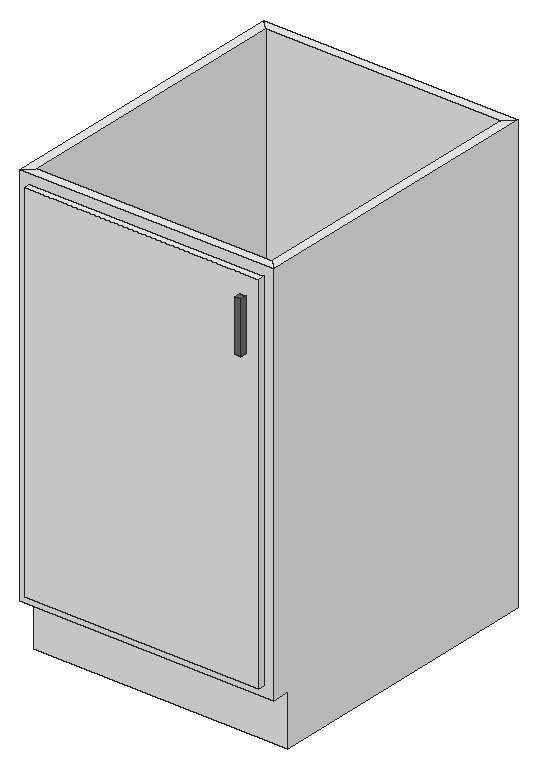
Revit family "M_Armário base-Porta simples", category Componentes de gabinete, Revit 2019
Family settings
  Número OmniClass = 23.40.35.17.47.11
  Título OmniClass = Kitchen Casework
  ID de item do Seek = Base Cabinet-Single Door-0000-CAN-ENU
  Com base no plano de trabalho = Não
  Sempre na vertical = Sim
  Corte com vazios quando carregada = Não
  Compartilhado = Não
  Ponto de cálculo do ambiente = Não
Parameters (values of type "500mm")
  Material do armário = none
  Linear = 600 mm
  Material da gaveta = none
  Material do puxador = Armários - Puxadores
  Altura = 860 mm
  Profundidade da plataforma = 35 mm
  Altura do plinto = 100 mm
  Largura = 500 mm
Types (3, lengths in mm): name | Largura
  (no name) | 500
  300mm | 300
  500mm | 500
Reference planes
  plane 1 "Parte posterior": y = 0
  plane 2: z = 0
  plane 3 "Centro": x = 18.738
  plane 4 "Esquerda": x = -231.262
  plane 5 "Direita": x = 268.738
  plane 6 "Parte frontal": y = -600
  plane 7 "Superior": z = 860
  plane 8: y = -565
  plane 9: z = 100
  plane 10: z = 840.95
  plane 11: z = 119.05
  plane 12: x = -212.212
  plane 13: x = 249.688
  plane 14: z = 802.85
  plane 15: z = 701.25
  plane 16: x = 224.288
  plane 17: x = 211.588
  plane 18: z = 480
Forms (mm)
  Extrusion 1, solid, material <- "Material do armário"
    sketch origin (0, 0, 0) x (1, 0, 0) y (0, 1, 0)
      loop
        line (-231.262, 0) -> (-231.262, -565) -> (268.738, -565) -> (268.738, 0) -> (-231.262, 0)
    from 0 to 100
  Sweep 2, solid, material <- "Material do armário"
    path origin (0, 0, 0) x (1, 0, 0) y (0, 1, 0)
      loop
        line (268.738, 0) -> (-231.262, 0) -> (-231.262, -600) -> (268.738, -600) -> (268.738, 0)
    profile origin (0, -300, 0) x (1, 0, 0) y (0, 0, 1)
      loop
        line (268.738, 100) -> (268.738, 860) -> (249.688, 860) -> (249.688, 100) -> (268.738, 100)
  Extrusion 3, solid, material "Armários"
    sketch origin (0, 0, 0) x (1, 0, 0) y (0, 1, 0)
      loop
        line (-212.212, -19.05) -> (-212.212, -580.95) -> (249.688, -580.95) -> (249.688, -19.05) -> (-212.212, -19.05)
    from 119.05 to 100
  Extrusion 4, solid, material <- "Material da gaveta"
    sketch origin (0, -600, 0) x (1, 0, 0) y (0, 0, 1)
      loop
        line (-212.212, 840.95) -> (-212.212, 119.05) -> (249.688, 119.05) -> (249.688, 840.95) -> (-212.212, 840.95)
    from 0 to 12.7
  Extrusion 5, solid, material "Armários - Puxadores" <- "Material do puxador"
    sketch origin (0, -600, 0) x (1, 0, 0) y (0, 0, 1)
      loop
        line (211.588, 802.85) -> (211.588, 701.25) -> (224.288, 701.25) -> (224.288, 802.85) -> (211.588, 802.85)
    from 12.7 to 25.4
Cuts and joins
  joined: Extrusion 1, Sweep 2
Lines and regions (mm)
  Masking region 1
    outline origin (0, 0, 0) x (1, 0, 0) y (0, 1, 0)
      loop
        line (-231.262, 0) -> (-231.262, -600) -> (268.738, -600) -> (268.738, 0) -> (-231.262, 0)
  model lines
    curve 1: line (-212.212, -600, 840.95) -> (249.688, -600, 840.95)
    curve 2: line (249.688, -600, 119.05) -> (-212.212, -600, 119.05)
    curve 3: line (249.688, -600, 840.95) -> (249.688, -600, 119.05)
    curve 4: line (-212.212, -600, 119.05) -> (-212.212, -600, 840.95)
    curve 5: line (211.588, -600, 802.85) -> (224.288, -600, 802.85)
    curve 6: line (211.588, -600, 701.25) -> (211.588, -600, 802.85)
    curve 7: line (224.288, -600, 701.25) -> (211.588, -600, 701.25)
    curve 8: line (224.288, -600, 802.85) -> (224.288, -600, 701.25)
  symbolic lines, style "Giro da elevação"
    curve 9: line (249.688, 0, 840.95) -> (-212.212, 0, 480)
    curve 10: line (-212.212, 0, 480) -> (249.688, 0, 119.05)
Dimensions and locks
  "Linear": plane 6 "Parte frontal" to plane 1 "Parte posterior"
  "Largura": plane 4 "Esquerda" to plane 5 "Direita"
  equal spacing: plane 4 "Esquerda", plane 3 "Centro", plane 5 "Direita"
  "Altura": level to plane 7 "Superior"
  "Altura do plinto": plane 2 to plane 9
  "Profundidade da plataforma": plane 6 "Parte frontal" to plane 8
  locked: plane 4 "Esquerda" to plane 12 at 19.05
  locked: plane 13 to plane 5 "Direita" at 19.05
  locked: plane 7 "Superior" to plane 10 at 19.05
  locked: plane 11 to plane 9 at 19.05
  locked: plane 14 to plane 15 at 101.6
  plane 17 to plane 16 to plane 13 = 12.7 mm locked, 25.4 mm locked
  plane 10 to plane 14 = 38.1 mm
  equal spacing: plane 10, plane 18, plane 11
  aligned and locked: plane 1 "Parte posterior" to Extrusion 1 sketch curve
  aligned and locked: Extrusion 1 sketch curve to plane 5 "Direita"
  aligned and locked: Extrusion 1 sketch curve to plane 8
  aligned and locked: plane 4 "Esquerda" to Extrusion 1 sketch curve
  aligned and locked: Extrusion 1 to level
  aligned and locked: Sweep 2 sketch curve to plane 6 "Parte frontal"
  aligned and locked: plane 1 "Parte posterior" to Sweep 2 sketch curve
  aligned and locked: Sweep 2 sketch curve to plane 5 "Direita"  (x2)
  aligned and locked: plane 4 "Esquerda" to Sweep 2 sketch curve
  aligned and locked: plane 7 "Superior" to Sweep 2 sketch curve
  aligned and locked: Sweep 2 sketch curve to plane 9
  aligned and locked: Sweep 2 to Extrusion 3 sketch curve  (x2)
  aligned and locked: Extrusion 3 sketch curve to Sweep 2  (x2)
  aligned and locked: plane 11 to Extrusion 3
  aligned and locked: plane 9 to Extrusion 3
  aligned and locked: Extrusion 1 to plane 9
  aligned and locked: plane 4 "Esquerda" to Masking region 1 sketch curve
  aligned and locked: plane 1 "Parte posterior" to Masking region 1 sketch curve
  aligned and locked: Masking region 1 sketch curve to plane 5 "Direita"
  aligned and locked: Masking region 1 sketch curve to plane 6 "Parte frontal"
Automatic sketch dimensions
  profile plane to Sweep 2 sketch curve = 19.05 mm
  Extrusion 4 sketch curve to plane 11 = 0 mm
  Extrusion 4 sketch curve to plane 12 = 0 mm
  Extrusion 4 sketch curve to plane 13 = 0 mm
  Extrusion 4 sketch curve to plane 10 = 0 mm
  Extrusion 5 sketch curve to plane 15 = 0 mm
  Extrusion 5 sketch curve to plane 17 = 0 mm
  Extrusion 5 sketch curve to plane 16 = 0 mm
  Extrusion 5 sketch curve to plane 14 = 0 mm
  curve 9 to plane 10 = 0 mm
  curve 9 to plane 13 = 0 mm
  curve 1 to plane 10 = 0 mm
  curve 1 to plane 13 = 0 mm
  curve 10 to plane 11 = 0 mm
  curve 10 to plane 13 = 0 mm
  curve 8 to plane 15 = 0 mm
  curve 8 to plane 16 = 0 mm
  curve 6 to plane 14 = 0 mm
  curve 6 to plane 17 = 0 mm
  curve 4 to plane 12 = 0 mm
  curve 10 to plane 12 = 0 mm
  curve 9 to plane 18 = 0 mm
  curve 2 to plane 11 = 0 mm
